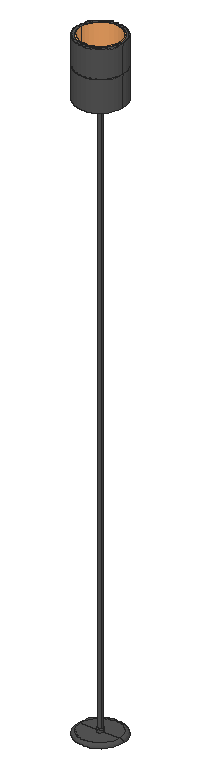
Revit family "MELO CYLINDER PENDANT LIGHT", category Lighting Fixtures, host Face, Revit 2020 (continued)
Types (16): name | Wattage_Input | Wattage Comments | Wattage | Voltage_Input | Size 08 | Size 06 | Size 04 | Selectable Wattage | Photometric Web File | Pendent Rod Length_1 | Pendent | Order number | built-in parameter 1150142 | Model | built-in parameter 1150105 | Lumens | built-in parameter 1150106 | Fixture Diameter | Canopy for Surface Mount J-box | Canopy for Recessed J-Box | Canopy Height | C2 H | C1 H | BEAMING ANGLE
    .70  6633.25  \r\n 6557.78  6495.56  6437.69  6381.73  6310.73  6225.97  6133.83  6032.93  5917.39  5784.80  \r\n 5629.97  5462.25  5292.07  5094.60  4873.85  4620.47  4326.83  3996.14  3646.44  3272.14  \r\n 2917.32  2556.11  2209.41  1894.80  1623.25  1394.86  1141.57  826.14   579.70   420.46   \r\n 328.85   274.78   237.90   211.08   189.61   171.76   156.29   142.63   128.99   111.54   \r\n 99.81    90.82    84.52    80.08    76.95    74.50    72.58    70.62    68.64    66.65    \r\n 63.89    61.46    59.10    56.66    54.20    51.75    49.24    46.76    44.26    41.75    \r\n 39.22    36.80    34.32    31.91    29.45    27.14    24.80    22.55    20.34    18.16    \r\n 16.08    14.03    12.06    10.08    8.20     6.41     4.64     2.97     1.25     0.17     \r\n 0.14     0.14     0.15     0.15     0.15     0.15     0.15     0.15     0.15     0.15     \r\n 0.15     0.16     0.16     0.17     0.18     0.21     0.21     0.22     0.22     0.22     \r\n 0.23     0.25     0.28     0.28     0.29     0.30     0.30     0.32     0.35     0.36     \r\n 0.38     0.42     0.45     0.51     0.58     0.65     0.74     0.84     0.98     1.12     \r\n 1.30     1.49     1.70     1.94     2.22     2.49     2.80     3.13     3.47     3.85     \r\n 4.20     4.59     4.97     5.37     5.76     6.16     6.56     6.96     7.35     7.73     \r\n 8.11     8.49     8.86     9.23     9.58     9.96     10.31    10.67    11.03    11.39    \r\n 11.74    12.09    12.45    12.77    13.11    13.41    13.70    13.97    14.22    14.44    \r\n 14.63    14.82    14.97    15.10    15.22    15.39    15.46    15.53    15.60    15.63    \r\n 15.84    \r\n7471.12  7446.14  7406.47  7359.14  7288.27  7199.09  7108.55  7018.46  6914.33  6825.96  \r\n 6752.30  6688.66  6626.07  6566.30  6501.41  6421.44  6330.30  6221.01  6099.79  5962.96  \r\n 5797.84  5630.03  5448.14  5240.76  5004.97  4736.50  4422.64  4075.94  3704.08  3326.76  \r\n 2943.29  2575.20  2211.98  1889.59  1615.49  1401.96  1118.95  805.15   560.98   408.35   \r\n 323.20   272.26   237.11   210.99   190.38   173.14   157.98   144.14   130.32   112.51   \r\n 101.42   92.69    86.50    82.40    79.31    77.18    75.25    73.22    71.18    69.04    \r\n 66.11    63.65    61.15    58.64    56.11    53.52    50.97    48.35    45.74    43.15    \r\n 40.56    37.96    35.40    32.88    30.41    27.95    25.59    23.20    20.89    18.68    \r\n 16.48    14.39    12.34    10.34    8.43     6.53     4.73     2.95     1.28     0.18     \r\n 0.16     0.16     0.16     0.16     0.16     0.16     0.16     0.16     0.16     0.16     \r\n 0.16     0.17     0.18     0.21     0.22     0.21     0.21     0.21     0.23     0.23     \r\n 0.24     0.28     0.29     0.29     0.29     0.31     0.32     0.36     0.37     0.37     \r\n 0.41     0.44     0.50     0.54     0.60     0.68     0.77     0.88     1.03     1.14     \r\n 1.31     1.48     1.68     1.90     2.15     2.42     2.70     3.01     3.34     3.67     \r\n 4.02     4.38     4.75     5.13     5.51     5.91     6.31     6.68     7.05     7.44     \r\n 7.83     8.18     8.57     8.95     9.34     9.73     10.13    10.51    10.89    11.28    \r\n 11.69    12.08    12.50    12.90    13.28    13.65    13.99    14.31    14.59    14.84    \r\n 15.06    15.25    15.41    15.54    15.67    15.78    15.89    15.98    16.03    16.05    \r\n 15.84    \r\n7443.71  7412.29  7365.30  7312.07  7244.06  7153.49  7061.44  6961.41  6862.27  6782.16  \r\n 6704.98  6639.13  6580.32  6518.11  6444.08  6362.41  6267.43  6155.48  6037.13  5888.09  \r\n 5725.40  5552.74  5369.49  5155.41  4910.96  4632.29  4312.43  3957.65  3586.83  3208.80  \r\n 2830.80  2458.31  2103.15  1787.98  1532.35  1310.98  1021.42  719.99   504.77   373.76   \r\n 314.36   255.16   223.79   200.49   181.53   165.39   150.82   137.78   124.64   107.63   \r\n 97.98    89.93    83.99    80.77    78.46    76.46    74.58    72.52    70.50    68.12    \r\n 65.31    62.87    60.35    57.86    55.29    52.76    50.16    47.56    44.97    42.38    \r\n 39.77    37.21    34.66    32.11    29.69    27.21    24.84    22.53    20.23    18.04    \r\n 15.85    13.75    11.70    9.76     7.85     6.02     4.25     2.49     0.87     0.14     \r\n 0.14     0.14     0.14     0.15     0.16     0.16     0.16     0.17     0.18     0.19     \r\n 0.20     0.20     0.21     0.22     0.22     0.23     0.24     0.26     0.26     0.27     \r\n 0.28     0.29     0.30     0.31     0.33     0.35     0.36     0.38     0.40     0.42     \r\n 0.44     0.48     0.53     0.59     0.65     0.74     0.83     0.94     1.08     1.22     \r\n 1.39     1.58     1.78     2.01     2.26     2.53     2.83     3.14     3.46     3.80     \r\n 4.15     4.52     4.89     5.27     5.65     6.04     6.43     6.81     7.19     7.56     \r\n 7.94     8.30     8.68     9.06     9.45     9.83     10.23    10.64    11.03    11.41    \r\n 11.82    12.23    12.65    13.04    13.41    13.77    14.10    14.40    14.67    14.90    \r\n 15.12    15.30    15.46    15.60    15.73    15.85    15.95    16.03    16.07    16.06    \r\n 15.84    \r\n7412.92  7372.83  7322.21  7260.70  7185.92  7095.30  7006.15  6906.25  6809.02  6725.89  \r\n 6655.10  6597.12  6530.37  6455.08  6380.17  6287.90  6191.95  6077.93  5942.60  5779.84  \r\n 5614.40  5441.91  5240.28  5012.52  4754.94  4460.44  4124.73  3768.44  3397.40  3023.37  \r\n 2647.43  2277.09  1947.58  1663.08  1426.44  1154.84  882.85   618.26   438.80   337.38   \r\n 278.91   240.86   213.64   192.66   174.90   159.27   145.79   132.34   117.12   103.27   \r\n 94.16    86.97    82.16    79.26    77.13    75.19    73.23    71.19    69.15    66.49    \r\n 63.95    61.49    59.00    56.48    53.94    51.36    48.77    46.19    43.60    41.01    \r\n 38.46    35.90    33.38    30.89    28.43    26.04    23.71    21.39    19.16    17.00    \r\n 14.88    12.81    10.84    8.89     7.03     5.18     3.43     1.75     0.31     0.16     \r\n 0.15     0.15     0.15     0.15     0.15     0.15     0.15     0.15     0.16     0.16     \r\n 0.17     0.18     0.19     0.22     0.21     0.21     0.22     0.22     0.23     0.24     \r\n 0.25     0.27     0.28     0.29     0.29     0.31     0.34     0.36     0.37     0.39     \r\n 0.44     0.47     0.52     0.61     0.68     0.76     0.87     0.98     1.12     1.28     \r\n 1.46     1.65     1.88     2.12     2.38     2.67     2.97     3.29     3.63     3.97     \r\n 4.32     4.69     5.06     5.44     5.83     6.22     6.59     6.98     7.36     7.74     \r\n 8.11     8.48     8.85     9.23     9.61     9.99     10.37    10.76    11.17    11.57    \r\n 11.97    12.37    12.79    13.16    13.52    13.86    14.16    14.43    14.68    14.89    \r\n 15.09    15.25    15.41    15.53    15.67    15.78    15.88    15.94    15.99    15.99    \r\n 15.84    \r\n7394.80  7352.03  7297.46  7238.02  7158.34  7075.25  6979.49  6885.16  6792.10  6710.18  \r\n 6641.02  6578.91  6516.73  6445.97  6361.99  6269.96  6172.61  6058.61  5921.87  5764.91  \r\n 5610.20  5435.55  5237.11  5005.98  4745.84  4447.31  4113.30  3752.42  3382.09  3006.55  \r\n 2631.02  2259.28  1935.24  1652.25  1422.09  1191.03  868.34   601.32   428.34   328.67   \r\n 281.42   234.33   208.12   187.91   171.00   155.90   142.50   130.16   114.25   100.95   \r\n 92.02    85.40    81.17    78.53    76.43    74.43    72.44    70.47    68.44    65.92    \r\n 63.45    61.02    58.51    56.00    53.45    50.93    48.35    45.77    43.19    40.61    \r\n 38.05    35.53    33.01    30.50    28.13    25.68    23.37    21.09    18.84    16.71    \r\n 14.58    12.54    10.55    8.67     6.80     5.02     3.28     1.59     0.21     0.14     \r\n 0.15     0.16     0.16     0.16     0.17     0.18     0.18     0.18     0.19     0.19     \r\n 0.20     0.21     0.21     0.22     0.23     0.24     0.25     0.26     0.26     0.27     \r\n 0.29     0.30     0.31     0.32     0.34     0.35     0.36     0.38     0.41     0.43     \r\n 0.46     0.50     0.56     0.62     0.69     0.78     0.88     1.01     1.16     1.32     \r\n 1.50     1.71     1.92     2.16     2.43     2.72     3.03     3.35     3.69     4.04     \r\n 4.40     4.77     5.13     5.53     5.91     6.31     6.68     7.07     7.45     7.82     \r\n 8.20     8.56     8.94     9.31     9.71     10.11    10.51    10.90    11.30    11.70    \r\n 12.09    12.49    12.88    13.27    13.62    13.96    14.26    14.53    14.77    14.97    \r\n 15.17    15.34    15.49    15.63    15.77    15.88    15.97    16.05    16.06    16.06    \r\n 15.84    \r\n7369.78  7322.67  7264.47  7201.46  7124.80  7040.71  6946.49  6845.59  6753.51  6676.99  \r\n 6614.72  6550.27  6489.54  6426.04  6350.32  6256.63  6155.99  6038.63  5903.25  5751.27  \r\n 5588.31  5412.56  5207.61  4975.60  4707.65  4396.15  4046.66  3671.04  3289.46  2916.24  \r\n 2540.31  2179.80  1856.50  1593.16  1352.72  1112.53  796.20   553.46   398.12   314.55   \r\n 263.93   229.89   205.17   185.74   169.53   154.84   141.30   127.77   110.12   98.91    \r\n 90.11    84.06    80.36    77.79    75.73    73.72    71.66    69.62    67.52    65.01    \r\n 62.57    60.13    57.64    55.14    52.63    50.05    47.51    44.92    42.36    39.81    \r\n 37.28    34.75    32.24    29.80    27.40    25.05    22.76    20.48    18.28    16.15    \r\n 14.06    12.05    10.11    8.20     6.35     4.57     2.85     1.22     0.19     0.17     \r\n 0.17     0.17     0.17     0.17     0.17     0.17     0.17     0.17     0.17     0.17     \r\n 0.19     0.20     0.21     0.21     0.21     0.21     0.22     0.22     0.23     0.30     \r\n 0.30     0.30     0.30     0.30     0.31     0.32     0.36     0.37     0.37     0.40     \r\n 0.43     0.48     0.52     0.60     0.68     0.76     0.89     1.01     1.18     1.32     \r\n 1.51     1.71     1.94     2.19     2.47     2.77     3.08     3.40     3.75     4.10     \r\n 4.46     4.85     5.21     5.61     6.00     6.40     6.76     7.15     7.53     7.90     \r\n 8.28     8.64     9.03     9.40     9.81     10.20    10.61    11.02    11.41    11.82    \r\n 12.21    12.61    12.99    13.35    13.66    13.97    14.25    14.50    14.74    14.93    \r\n 15.14    15.31    15.46    15.59    15.72    15.82    15.91    15.98    15.99    15.99    \r\n 15.84    \r\n7355.44  7310.29  7252.89  7191.16  7118.53  7036.41  6943.92  6846.77  6753.74  6676.06  \r\n 6608.29  6542.89  6481.73  6419.50  6343.52  6253.85  6156.49  6041.56  5905.74  5747.83  \r\n 5589.81  5413.76  5217.21  4987.41  4717.36  4414.06  4071.97  3700.67  3321.97  2953.73  \r\n 2589.36  2222.82  1898.09  1625.19  1398.02  1151.59  834.86   572.42   408.72   319.94   \r\n 275.11   230.42   205.06   185.75   169.32   154.73   141.50   129.09   112.25   99.70    \r\n 90.69    84.56    80.67    77.99    75.84    73.84    71.85    69.84    67.85    65.12    \r\n 62.67    60.26    57.77    55.30    52.76    50.24    47.70    45.13    42.58    40.01    \r\n 37.47    34.98    32.50    30.00    27.67    25.27    22.96    20.72    18.49    16.39    \r\n 14.29    12.28    10.32    8.46     6.61     4.84     3.14     1.48     0.18     0.16     \r\n 0.15     0.16     0.17     0.18     0.18     0.18     0.19     0.20     0.20     0.20     \r\n 0.21     0.21     0.22     0.22     0.24     0.25     0.26     0.26     0.27     0.28     \r\n 0.29     0.31     0.31     0.33     0.34     0.35     0.36     0.40     0.41     0.43     \r\n 0.45     0.50     0.55     0.63     0.70     0.78     0.87     1.00     1.14     1.30     \r\n 1.48     1.69     1.90     2.14     2.42     2.71     3.01     3.33     3.66     4.01     \r\n 4.37     4.75     5.12     5.50     5.89     6.30     6.66     7.05     7.43     7.80     \r\n 8.18     8.56     8.93     9.41     9.92     10.19    10.63    10.93    11.30    11.68    \r\n 12.08    12.46    12.86    13.25    13.60    13.93    14.23    14.50    14.74    14.95    \r\n 15.15    15.34    15.49    15.62    15.73    15.82    15.89    15.94    15.94    15.94    \r\n 15.84    \r\n7333.70  7290.86  7235.05  7168.79  7095.38  7021.62  6925.19  6827.07  6734.55  6652.88  \r\n 6582.11  6521.78  6459.70  6394.31  6320.90  6227.24  6120.99  6001.68  5865.35  5705.85  \r\n 5550.30  5377.92  5176.76  4949.01  4677.82  4369.57  4021.52  3644.98  3266.67  2901.91  \r\n 2544.35  2194.37  1873.07  1613.03  1391.67  1154.72  832.15   576.91   413.36   322.62   \r\n 268.15   231.88   205.60   185.74   169.33   154.88   141.83   128.78   112.10   99.30    \r\n 90.41    84.08    80.26    77.76    75.71    73.79    71.80    69.77    67.74    64.82    \r\n 62.41    60.00    57.53    55.06    52.58    50.03    47.51    44.95    42.40    39.89    \r\n 37.37    34.86    32.38    29.94    27.57    25.24    22.95    20.69    18.49    16.40    \r\n 14.33    12.30    10.39    8.48     6.64     4.87     3.17     1.54     0.23     0.18     \r\n 0.17     0.17     0.17     0.17     0.17     0.17     0.17     0.17     0.18     0.19     \r\n 0.19     0.21     0.22     0.22     0.22     0.22     0.23     0.24     0.24     0.25     \r\n 0.26     0.29     0.29     0.29     0.31     0.32     0.36     0.36     0.37     0.39     \r\n 0.45     0.46     0.51     0.61     0.65     0.74     0.83     0.96     1.10     1.26     \r\n 1.44     1.64     1.85     2.09     2.36     2.65     2.97     3.27     3.61     3.95     \r\n 4.32     4.69     5.06     5.44     5.83     6.23     6.60     6.98     7.36     7.74     \r\n 8.11     8.55     9.41     10.80    11.35    10.57    10.69    10.91    11.22    11.61    \r\n 12.00    12.37    12.75    13.12    13.45    13.79    14.08    14.35    14.59    14.79    \r\n 14.99    15.15    15.30    15.42    15.53    15.64    15.73    15.79    15.82    15.84    \r\n 15.84    \r\n" | "MELO08R-SP30801-10D-60-GD-BK" | 477.33 (stored number, unit not read) | 6000 lm | 4.7733 (stored number, unit not read) | 0' - 7 205/256" | no | yes | 0' - 0 1/2" | 0' - 3 115/128" | 0' - 3 205/256" | 60.00°
